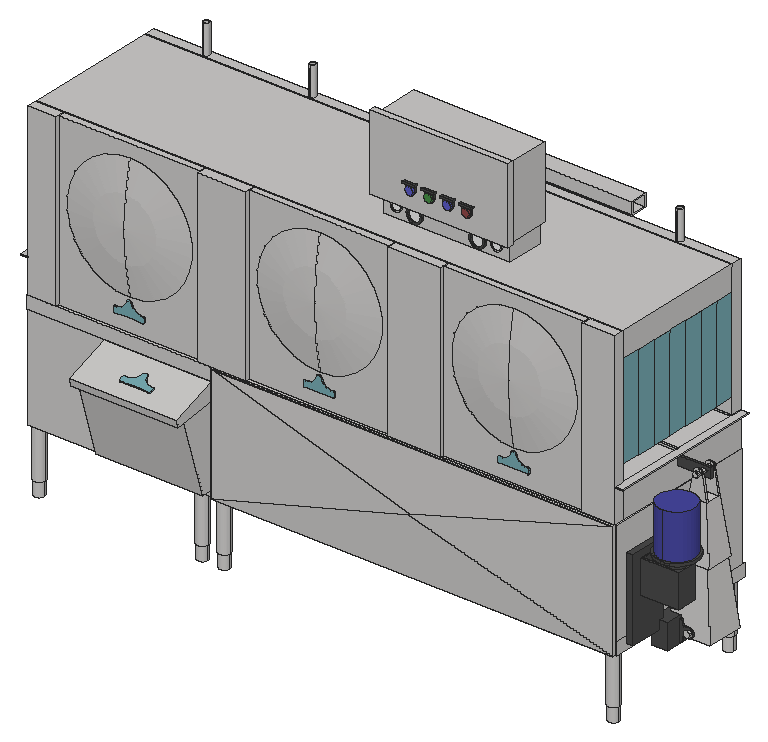
Revit family
Parameters (values of type "208/60/3")
  Width = 7' - 9 1/2"  # constant formula
  Weight in Pounds = 1750
  Watts = 25000 W
  Watermarked By = "http://revitwatermark.com"
  Waste Water Discharge Temperature [instance] = -459.67 °F
  Volts = 208 V
  Ventilation Remarks [instance] = ""
  URL Cutsheet = ""
  URL = "www.stero.com"
  Total Height = 5' - 10 1/2"
  Table Height = 2' - 10"
  Swing Doors [instance] = no
  Status [instance] = ""
  Standard Doors [instance] = not(Swing Doors)  # yes
  Specification by User [instance] = ""
  Specification by Manufacturer = ""
  Single Door Opening [instance] = if(Swing Doors, 2' 0", 1' 10 1/2")  # 1' - 10 1/2"
  Serial Number [instance] = ""
  Seismic Rating [instance] = ""
  SMACNA No [instance] = ""
  Right Ventilation Remarks [instance] = ""
  Right Vent [instance] = no
  Right Exhaust Volume [instance] = if(Right Vent, 400 CFM, 0 CFM)  # 0 CFM
  Right Exhaust Vent Width = 0' - 3 7/8"
  Right Exhaust Vent Text = "Vent, Unload End"
  Right Exhaust Vent Depth = 2' - 0 7/8"
  Right Exhaust Static Press = 0.00 in-wg
  Right Exhaust RI Height [instance] = 0' - 0"
  Right Exhaust Item Number [instance] = "-"
  Right Drain [instance] = no
  Revision Code [instance] = ""
  Plumbing Remarks [instance] = ""
  Plumbing Connection Type [instance] = ""
  Phase = 3
  Number of Poles [instance] = 1
  NAFEM Spec ID Number [instance] = ""
  Model = "ER-94S"
  Masterspec = ""
  Manufacturer = "Stero"
  Machine Height = 4' - 7 1/2"
  Left Vent [instance] = no
  Left Drain [instance] = not(Right Drain)  # yes
  Item Number [instance] = "-"
  Installed By [instance] = ""
  Indirect Waste Size = 2"
  Indirect Waste Flow [instance] = 0.00 GPM
  Indirect Waste Connection Type [instance] = ""
  Indirect Waste Connection Height = 0' - 6"
  Hot Water Usage Rack = "- Gal/Rack"
  Hot Water Usage = "120.6 GPH"
  Hot Water Temperature = 180 °F
  Hot Water Size = 3/4"
  Hot Water RI Height [instance] = 0' - 0"
  Hot Water Minimum Pressure = 20.00 psi
  Hot Water Maximum Pressure = 20.00 psi
  Hot Water Flow = 2.01 GPM
  Hot Water Consumption = 2.01 GPM
  Hot Water Connection Height = 5' - 0"
  HP = "5.25"
  Furnished By [instance] = ""
  Foodservice Equipment Identifier [instance] = yes
  FL Amps = 87.4 A
  Exhaust Volume [instance] = if(Left Vent, 200 CFM, 0 CFM)  # 0 CFM
  Exhaust Vent Width = 0' - 3 7/8"
  Exhaust Vent Text = "Vent, Load End"
  Exhaust Vent Depth = 2' - 0 7/8"
  Exhaust Static Press = 0.00 in-wg
  Exhaust RI Height [instance] = 0' - 0"
  Electrical Remarks [instance] = ""
  Electric Connection Type [instance] = ""
  Elec Conn RI Height [instance] = 0' - 0"
  Elec Conn Connection Height = 5' - 8 1/2"
  Description = "Dishwasher, Conveyor"
  Depth = 2' - 1"
  Cycle = 60 Hz
  Conn Conduit = yes
  Cold Water Temperature Recommended [instance] = -459.67 °F
  Cold Water Size = 3/4"
  Cold Water RI Height [instance] = 0' - 0"
  Cold Water Minimum Pressure [instance] = 0.00 psi
  Cold Water Maximum Pressure [instance] = 0.00 psi
  Cold Water Flow [instance] = 0.00 GPM
  Cold Water Consumption [instance] = ""
  Cold Water Connection Height = 5' - 0"
  CSI MasterFormat = "11 48 13"
  Building Plumbing Remarks [instance] = ""
  Building Hot Water Temperature = 140 °F
  Building Hot Water Size = 3/4"
  Building Hot Water RI Height [instance] = 0' - 0"
  Building Hot Water Minimum Pressure [instance] = 20.00 psi
  Building Hot Water Maximum Pressure [instance] = 20.00 psi
  Building Hot Water Flow [instance] = 0.00 GPM
  Building Hot Water Consumption [instance] = 2.00 GPM
  Building Hot Water Connection Height = 5' - 0"
  Building HW Item Number [instance] = "-"
  Assembly Code = "E1090320"
  Apparent Power = if(Phase = 3, Volts * FL Amps * 1.73, Volts * FL Amps)  # 31450 VA
Reference planes (in)
  plane 1: z = 0
  plane 2 "Left of Main Body": x = 2.32772
  plane 3 "BACK": y = -48
  plane 4 "TOP": z = 70.5
  plane 5 "RIGHT": x = 66.32772
  plane 6 "FRONT": y = -73
  plane 7 "Right of Top": x = 66.07772
  plane 8 "Right of Ledge": x = 67.57772
  plane 9 "Right End Cowl": x = 76.32772
  plane 10: x = 69.39022
  plane 11 "Bottom of Machine": z = 10
  plane 12 "Table Height": z = 34
  plane 13 "Top of Machine": z = 55.5
  plane 14 "Panel Top": z = 28.5
  plane 15: z = 12
  plane 16: y = -73.5
  plane 17: y = -47.5
  plane 18: x = 2.07772
  plane 19: x = 66.57772
  plane 20: y = -49.625
  plane 21: y = -71.375
  plane 22 "Door Center": x = 34.32772
  plane 23: x = 7.57772
  plane 24: x = 30.07772
  plane 25 "Top of Opening": z = 51.5
  plane 26: z = 2.25
  plane 27: x = 24.32772
  plane 28: x = 44.32772
  plane 29: x = 23.32772
  plane 30: x = 45.32772
  plane 31 "Front of Lower Panel": y = -66.5
  plane 32: y = -60.5
  plane 33: y = -67
  plane 34 "Back of Panel": y = -60
  plane 35 "Front of Upper Panel": y = -68
  plane 36: x = 23.82772
  plane 37: x = 44.82772
  plane 38: x = 76.20272
  plane 39: x = 73.26522
  plane 40: y = -48.0625
  plane 41: y = -72.9375
  plane 42 "Top of Vents": z = 59.5
  plane 43: x = 19.82772
  plane 44: x = 48.82772
  plane 45: y = -45
  plane 46: z = 57.5
  plane 47: y = -43
  plane 48: z = 84.5
  plane 49: x = 38.57772
  plane 50: x = 61.07772
  plane 51: x = -37.17228
  plane 52: x = -30.23478
  plane 53: x = -37.04728
  plane 54: x = -34.10978
  plane 55 "LEFT": x = -27.17228
  plane 56: x = -26.92228
  plane 57: x = -28.42228
  plane 58: x = -27.42228
  plane 59: x = -0.20185
  plane 60: x = -22.70185
  plane 61: x = -14.92228
  plane 62: x = 7.82772
  plane 63: x = -22.45185
  plane 64: x = 29.95272
  plane 65: x = -0.32685
  plane 66: x = 28.64022
  plane 67: x = -1.63935
  plane 68: x = 38.70272
  plane 69: x = 40.01522
  plane 70: x = 60.82772
Forms (in)
  Extrusion 1, solid, material "QF_Finishes_Stainless Steel"
    sketch origin (0, 0, 10) x (0, 1, 0) y (-1, 0, 0)
      loop
        line (-47.5, -2.07772) -> (-73, -2.07772) -> (-73, -66.57772) -> (-47.5, -66.57772) -> (-47.5, -2.07772)
    from 0 to 2
  Extrusion 2, solid, material "QF_Finishes_Stainless Steel"
    sketch origin (0, 0, 28.5) x (0, 1, 0) y (-1, 0, 0)
      loop
        line (-48, -2.32772) -> (-73, -2.32772) -> (-73, -66.57772) -> (-48, -66.57772) -> (-48, -2.32772)
    from 0 to -16.5
  Extrusion 3, solid, material "QF_Finishes_Stainless Steel"
    sketch origin (-22, 0, 34) x (0, 1, 0) y (-1, 0, 0)
      loop
        line (-48, 5.17228) -> (-48, 6.42228) -> (-73, 6.42228) -> (-73, 5.17228) -> (-48, 5.17228)
    from 0 to -0.125
  Extrusion 4, solid, material "QF_Finishes_Stainless Steel"
    sketch origin (0, 0, 34) x (0, 1, 0) y (-1, 0, 0)
      loop
        line (-48, -66.32772) -> (-73, -66.32772) -> (-73, -67.57772) -> (-48, -67.57772) -> (-48, -66.32772)
    from 0 to -0.125
  Extrusion 5, solid, material "QF_Finishes_Stainless Steel"
    sketch origin (0, 0, 34) x (0, 1, 0) y (-1, 0, 0)
      loop
        line (-48, 27.17228) -> (-71.375, 27.17228) -> (-71.375, -66.32772) -> (-48, -66.32772) -> (-48, 27.17228)
    from -0.25 to -5.5
  Extrusion 6, solid, material "QF_Finishes_Stainless Steel"
    sketch origin (0, 0, 34) x (0, 1, 0) y (-1, 0, 0)
      loop
        line (-60.25, 27.17228) -> (-60.75, 27.17228) -> (-60.75, -66.32772) -> (-60.25, -66.32772) -> (-60.25, 27.17228)
      loop
        line (-48, 27.17228) -> (-49.625, 27.17228) -> (-49.625, -66.32772) -> (-48, -66.32772) -> (-48, 27.17228)
    from 0 to -0.25
  Extrusion 7, solid, material "QF_Finishes_Stainless Steel"
    sketch origin (0, 0, 55.5) x (0, 1, 0) y (-1, 0, 0)
      loop
        line (-49.625, 27.17228) -> (-71.375, 27.17228) -> (-71.375, -66.32772) -> (-49.625, -66.32772) -> (-49.625, 27.17228)
    from 0 to -4
  Extrusion 8, solid, material "QF_Finishes_Stainless Steel"
    sketch origin (0, 0, 55.5) x (0, 1, 0) y (-1, 0, 0)
      loop
        line (-48, 27.17228) -> (-49.625, 27.17228) -> (-49.625, -66.32772) -> (-48, -66.32772) -> (-48, 27.17228)
    from 0 to -21.5
  Extrusion 9, solid, material "QF_Finishes_Stainless Steel"
    sketch origin (0, -73, 0) x (-1, 0, 0) y (0, 0, 1)
      loop
        line (0.20185, 55.5) -> (-7.57772, 55.5) -> (-7.57772, 28.5) -> (0.20185, 28.5) -> (0.20185, 55.5)
    from 0 to 1.625
  Blend 10, solid, material "QF_Finishes_Stainless Steel"
    base sketch origin (-15.01335, -74, 48) x (-1, 0, 0) y (0, 0, 1)
      loop
        line (-17.34107, -19.5) -> (-81.34107, -19.5) -> (-81.34107, -38) -> (-17.34107, -38) -> (-17.34107, -19.5)
    top sketch origin (-15.01335, -74, 48) x (-1, 0, 0) y (0, 0, 1)
      loop
        line (-49.37232, -28.71875) -> (-49.37232, -28.78125) -> (-49.30982, -28.78125) -> (-49.30982, -28.71875) -> (-49.37232, -28.71875)
    from 0.5 to 0
  Extrusion 11, solid, material "QF_Finishes_Stainless Steel"
    sketch origin (0, 0, 10) x (0, 1, 0) y (-1, 0, 0)
      loop
        line (-73, -2.32772) -> (-73.5, -2.32772) -> (-73.5, -66.32772) -> (-73, -66.32772) -> (-73, -2.32772)
    from 0 to 18.5
  Extrusion 12, solid, material "QF_Finishes_Stainless Steel"
    sketch origin (0, -73, 0) x (-1, 0, 0) y (0, 0, 1)
      loop
        line (-61.07772, 55.5) -> (-66.32772, 55.5) -> (-66.32772, 28.5) -> (-61.07772, 28.5) -> (-61.07772, 55.5)
    from 0 to 1.625
  Extrusion 13, solid, material "QF_Finishes_Stainless Steel", visible <- "Standard Doors"
    sketch origin (-15.5, 0, 55.5) x (0, 1, 0) y (-1, 0, 0)
      loop
        line (-71.375, -23.07772) -> (-72.5, -23.07772) -> (-72.5, -45.57772) -> (-71.375, -45.57772) -> (-71.375, -23.07772)
    from 0 to -27
  Extrusion 14, solid, material "QF_Finishes_Stainless Steel"
    sketch origin (0, 0, 0) x (1, 0, 0) y (0, 1, 0)
      loop
        circle (3.32772, -49) r 0.8125
    from 0 to 2.25
  Extrusion 15, solid, material "QF_Finishes_Stainless Steel"
    sketch origin (0, 0, 0) x (1, 0, 0) y (0, 1, 0)
      loop
        circle (3.32772, -49) r 0.9375
    from 2.25 to 10
  Extrusion 16, solid, material "QF_Finishes_Stainless Steel"
    sketch origin (48.65544, 0, 0) x (-1, 0, 0) y (0, -1, 0)
      loop
        circle (-16.67228, 49) r 0.8125
    from 0 to 2.25
  Extrusion 17, solid, material "QF_Finishes_Stainless Steel"
    sketch origin (48.65544, 0, 0) x (-1, 0, 0) y (0, -1, 0)
      loop
        circle (-16.67228, 49) r 0.9375
    from 2.25 to 10
  Extrusion 18, solid, material "QF_Finishes_Stainless Steel"
    sketch origin (0, -121, 0) x (1, 0, 0) y (0, 1, 0)
      loop
        circle (3.32772, 49) r 0.8125
    from 0 to 2.25
  Extrusion 19, solid, material "QF_Finishes_Stainless Steel"
    sketch origin (0, -121, 0) x (1, 0, 0) y (0, 1, 0)
      loop
        circle (3.32772, 49) r 0.9375
    from 2.25 to 10
  Extrusion 20, solid, material "QF_Finishes_Stainless Steel"
    sketch origin (48.65544, -121, 0) x (-1, 0, 0) y (0, -1, 0)
      loop
        circle (-16.67228, -49) r 0.8125
    from 0 to 2.25
  Extrusion 21, solid, material "QF_Finishes_Stainless Steel"
    sketch origin (48.65544, -121, 0) x (-1, 0, 0) y (0, -1, 0)
      loop
        circle (-16.67228, -49) r 0.9375
    from 2.25 to 10
  Extrusion 22, solid, material "QF_Finishes_Light Blue"
    sketch origin (0, 0, 51.5) x (0, 1, 0) y (-1, 0, 0)
      loop
        line (-49.625, -66.32772) -> (-49.625, -66.20272) -> (-52.625, -66.20272) -> (-52.625, -66.32772) -> (-49.625, -66.32772)
      loop
        line (-52.75, -66.32772) -> (-52.75, -66.20272) -> (-55.75, -66.20272) -> (-55.75, -66.32772) -> (-52.75, -66.32772)
      loop
        line (-55.875, -66.32772) -> (-55.875, -66.20272) -> (-58.875, -66.20272) -> (-58.875, -66.32772) -> (-55.875, -66.32772)
      loop
        line (-59, -66.32772) -> (-59, -66.20272) -> (-62, -66.20272) -> (-62, -66.32772) -> (-59, -66.32772)
      loop
        line (-62.125, -66.32772) -> (-62.125, -66.20272) -> (-65.125, -66.20272) -> (-65.125, -66.32772) -> (-62.125, -66.32772)
      loop
        line (-65.25, -66.32772) -> (-65.25, -66.20272) -> (-68.25, -66.20272) -> (-68.25, -66.32772) -> (-65.25, -66.32772)
      loop
        line (-68.375, -66.32772) -> (-68.375, -66.20272) -> (-71.375, -66.20272) -> (-71.375, -66.32772) -> (-68.375, -66.32772)
    from 0 to -15
  Extrusion 23, solid, material "QF_Finishes_Light Blue"
    sketch origin (26.65544, 0, 51.5) x (0, 1, 0) y (-1, 0, 0)
      loop
        line (-49.625, 53.82772) -> (-52.625, 53.82772) -> (-52.625, 53.70272) -> (-49.625, 53.70272) -> (-49.625, 53.82772)
      loop
        line (-52.75, 53.82772) -> (-55.75, 53.82772) -> (-55.75, 53.70272) -> (-52.75, 53.70272) -> (-52.75, 53.82772)
      loop
        line (-55.875, 53.82772) -> (-58.875, 53.82772) -> (-58.875, 53.70272) -> (-55.875, 53.70272) -> (-55.875, 53.82772)
      loop
        line (-59, 53.82772) -> (-62, 53.82772) -> (-62, 53.70272) -> (-59, 53.70272) -> (-59, 53.82772)
      loop
        line (-62.125, 53.82772) -> (-65.125, 53.82772) -> (-65.125, 53.70272) -> (-62.125, 53.70272) -> (-62.125, 53.82772)
      loop
        line (-65.25, 53.82772) -> (-68.25, 53.82772) -> (-68.25, 53.70272) -> (-65.25, 53.70272) -> (-65.25, 53.82772)
      loop
        line (-68.375, 53.82772) -> (-71.375, 53.82772) -> (-71.375, 53.70272) -> (-68.375, 53.70272) -> (-68.375, 53.82772)
    from 0 to -15
  Extrusion 24, solid, material "QF_Finishes_Stainless Steel"
    sketch origin (0, 0, 55.5) x (0, 1, 0) y (-1, 0, 0)
      loop
        line (-60.5, -24.32772) -> (-66.5, -24.32772) -> (-66.5, -44.32772) -> (-60.5, -44.32772) -> (-60.5, -24.32772)
    from 0 to 3.5
  Extrusion 25, solid, material "QF_Finishes_Stainless Steel"
    sketch origin (0, 0, 55.5) x (0, 1, 0) y (-1, 0, 0)
      loop
        line (-60, -23.82772) -> (-67, -23.82772) -> (-67, -44.82772) -> (-60, -44.82772) -> (-60, -23.82772)
    from 3 to 14.5
  Extrusion 26, solid, material "QF_Finishes_Stainless Steel"
    sketch origin (0, 0, 55.5) x (0, 1, 0) y (-1, 0, 0)
      loop
        line (-67, -23.32772) -> (-68, -23.32772) -> (-68, -45.32772) -> (-67, -45.32772) -> (-67, -23.32772)
    from 3 to 15
  Extrusion 27, solid, material "QF_Finishes_Black"
    sketch origin (0, -66.5, 0) x (-1, 0, 0) y (0, 0, 1)
      loop
        circle (-29.32772, 57) r 1.25
      loop
        circle (-29.32772, 57) r 1
    from 0 to -0.25
  Extrusion 28, solid, material "QF_Finishes_Stainless Steel"
    sketch origin (0, -66.5, 0) x (-1, 0, 0) y (0, 0, 1)
      loop
        circle (-26.32772, 57.25) r 0.75
      loop
        circle (-26.32772, 57.25) r 0.875
    from 0 to -0.125
  Extrusion 29, solid, material "QF_Finishes_White"
    sketch origin (0, -66.5, 0) x (-1, 0, 0) y (0, 0, 1)
      loop
        circle (-26.32772, 57.25) r 0.75
    from 0 to -0.0625
  Extrusion 30, solid, material "QF_Finishes_White"
    sketch origin (0, -66.5, 0) x (-1, 0, 0) y (0, 0, 1)
      loop
        circle (-29.32772, 57) r 1
    from 0 to -0.0625
  Extrusion 31, solid, material "QF_Finishes_Black"
    sketch origin (48.65544, -66.5, 0) x (1, 0, 0) y (0, 0, -1)
      loop
        circle (-9.32772, -57) r 1.25
      loop
        circle (-9.32772, -57) r 1
    from 0 to -0.25
  Extrusion 32, solid, material "QF_Finishes_Stainless Steel"
    sketch origin (48.65544, -66.5, 0) x (1, 0, 0) y (0, 0, -1)
      loop
        circle (-6.32772, -57.25) r 0.75
      loop
        circle (-6.32772, -57.25) r 0.875
    from 0 to -0.125
  Extrusion 33, solid, material "QF_Finishes_White"
    sketch origin (48.65544, -66.5, 0) x (1, 0, 0) y (0, 0, -1)
      loop
        circle (-6.32772, -57.25) r 0.75
    from 0 to -0.0625
  Extrusion 34, solid, material "QF_Finishes_White"
    sketch origin (48.65544, -66.5, 0) x (1, 0, 0) y (0, 0, -1)
      loop
        circle (-9.32772, -57) r 1
    from 0 to -0.0625
  Extrusion 35, solid, material "QF_Finishes_Black"
    sketch origin (0, -68, 0) x (-1, 0, 0) y (0, 0, 1)
      loop
        line (-33.82772, 62.5) -> (-33.82772, 62.25) -> (-31.82772, 62.25) -> (-31.82772, 62.5) -> (-33.82772, 62.5)
      loop
        line (-30.82772, 62.5) -> (-30.82772, 62.25) -> (-28.82772, 62.25) -> (-28.82772, 62.5) -> (-30.82772, 62.5)
      loop
        line (-34.82772, 62.5) -> (-36.82772, 62.5) -> (-36.82772, 62.25) -> (-34.82772, 62.25) -> (-34.82772, 62.5)
      loop
        line (-37.82772, 62.5) -> (-39.82772, 62.5) -> (-39.82772, 62.25) -> (-37.82772, 62.25) -> (-37.82772, 62.5)
    from 0 to -0.5
  Extrusion 36, solid, material "QF_Finishes_Navy Blue"
    sketch origin (0, -68, 0) x (-1, 0, 0) y (0, 0, 1)
      loop
        circle (-29.82772, 61.375) r 0.625
    from -0.125 to -0.375
  Extrusion 37, solid, material "QF_Finishes_LED Green"
    sketch origin (3, -68, 0) x (-1, 0, 0) y (0, 0, 1)
      loop
        circle (-29.82772, 61.375) r 0.625
    from -0.125 to -0.375
  Extrusion 38, solid, material "QF_Finishes_Navy Blue"
    sketch origin (6, -68, 0) x (-1, 0, 0) y (0, 0, 1)
      loop
        circle (-29.82772, 61.375) r 0.625
    from -0.125 to -0.375
  Extrusion 39, solid, material "QF_Finishes_LED Red"
    sketch origin (9, -68, 0) x (-1, 0, 0) y (0, 0, 1)
      loop
        circle (-29.82772, 61.375) r 0.625
    from -0.125 to -0.375
  Extrusion 40, solid, material "QF_Finishes_Black"
    sketch origin (0, -68, 0) x (-1, 0, 0) y (0, 0, 1)
      loop
        arc (-30.57772, 61.375) -> (-29.82772, 60.625) -> (-29.07772, 61.375) r 0.75
        line (-29.07772, 61.375) -> (-29.07772, 62.25) -> (-30.57772, 62.25) -> (-30.57772, 61.375)
      loop
        arc (-33.57772, 61.375) -> (-32.82772, 60.625) -> (-32.07772, 61.375) r 0.75
        line (-32.07772, 61.375) -> (-32.07772, 62.25) -> (-33.57772, 62.25) -> (-33.57772, 61.375)
      loop
        arc (-36.57772, 61.375) -> (-35.82772, 60.625) -> (-35.07772, 61.375) r 0.75
        line (-35.07772, 61.375) -> (-35.07772, 62.25) -> (-36.57772, 62.25) -> (-36.57772, 61.375)
      loop
        arc (-39.57772, 61.375) -> (-38.82772, 60.625) -> (-38.07772, 61.375) r 0.75
        line (-38.07772, 61.375) -> (-38.07772, 62.25) -> (-39.57772, 62.25) -> (-39.57772, 61.375)
    from 0 to -0.125
  Extrusion 41, solid, material "QF_Finishes_Light Blue", visible <- "Standard Doors"
    sketch origin (-15.5, -73, 0) x (-1, 0, 0) y (0, 0, 1)
      loop
        line (-33.71645, 30.65632) -> (-32.08461, 30.57309)
        arc (-32.08461, 30.57309) -> (-31.90443, 30.64773) -> (-31.82979, 30.82792) r 0.25483
        line (-31.82979, 30.82792) -> (-31.82979, 31.31285)
        arc (-31.82979, 31.31285) -> (-31.90343, 31.49062) -> (-32.08121, 31.56426) r 0.25142
        arc (-32.08121, 31.56426) -> (-33.22593, 31.7803) -> (-33.90311, 32.72819) r 1.56264
        arc (-33.90311, 32.72819) -> (-34.31726, 33.06213) -> (-34.74741, 32.74907) r 0.43733
        arc (-34.74741, 32.74907) -> (-35.42049, 31.78611) -> (-36.57423, 31.56426) r 1.56264
        arc (-36.57423, 31.56426) -> (-36.75201, 31.49062) -> (-36.82565, 31.31285) r 0.25142
        line (-36.82565, 31.31285) -> (-36.82565, 30.82792)
        arc (-36.82565, 30.82792) -> (-36.75101, 30.64773) -> (-36.57082, 30.57309) r 0.25483
        line (-36.57082, 30.57309) -> (-34.93898, 30.65632)
        arc (-34.93898, 30.65632) -> (-34.32772, 30.6719) -> (-33.71645, 30.65632) r 12
    from 0.5 to 0.4375
  Extrusion 42, solid, material "QF_Finishes_Stainless Steel", visible <- "Right Vent"
    sketch origin (66.07772, 0, 0) x (0, -1, 0) y (0, 0, 1)
      loop
        line (73, 55.5) -> (48, 55.5) -> (48, 50.5625) -> (49.625, 48.9375) -> (49.625, 49.11428) -> (48.125, 50.61428) -> (48.125, 55.375) -> (72.875, 55.375) -> (72.875, 39.17678) -> (71.375, 37.67678) -> (71.375, 37.5) -> (73, 39.125) -> (73, 55.5)
    from -0.25 to -10.125
  Extrusion 43, solid, material "QF_Finishes_Stainless Steel", visible <- "Right Vent"
    sketch origin (76.32772, 0, 0) x (0, 1, 0) y (0, 0, 1)
      loop
        line (-71.375, 37.5) -> (-71.375, 51.5) -> (-49.625, 51.5) -> (-49.625, 48.9375) -> (-48, 50.5625) -> (-48, 55.5) -> (-73, 55.5) -> (-73, 39.125) -> (-71.375, 37.5)
    from 0 to -0.125
  Extrusion 44, solid, material "QF_Finishes_Stainless Steel", visible <- "Right Vent"
    sketch origin (48.65544, 0, 55.5) x (0, 1, 0) y (-1, 0, 0)
      loop
        line (-48.0625, -24.60978) -> (-48.0625, -20.73478) -> (-72.9375, -20.73478) -> (-72.9375, -24.60978) -> (-48.0625, -24.60978)
      loop
        line (-48.1875, -24.48478) -> (-48.1875, -20.85978) -> (-72.8125, -20.85978) -> (-72.8125, -24.48478) -> (-48.1875, -24.48478)
    from 0 to 4
  Extrusion 45, void
    sketch origin (0, 0, 55.5) x (0, 1, 0) y (-1, 0, 0)
      loop
        line (-48.1875, -69.51522) -> (-72.8125, -69.51522) -> (-72.8125, -73.14022) -> (-48.1875, -73.14022) -> (-48.1875, -69.51522)
    from 0 to -0.125
  Extrusion 46, solid, material "QF_Finishes_Black"
    sketch origin (0, -73, 0) x (-1, 0, 0) y (0, 0, 1)
      loop
        line (-66.57772, 12) -> (-66.32772, 12) -> (-66.32772, 23.9375) -> (-67.70272, 23.9375) -> (-67.70272, 10.9375) -> (-66.57772, 10.9375) -> (-66.57772, 12)
    from 1.8125 to 7.8125
  Extrusion 47, solid, material "QF_Finishes_Black"
    sketch origin (0, 0, 10) x (0, 1, 0) y (-1, 0, 0)
      loop
        circle (-68.1875, -72.32772) r 1.0625
    from 7.1875 to 7.6875
  Extrusion 48, solid, material "QF_Finishes_Black"
    sketch origin (0, 0, 10) x (0, 1, 0) y (-1, 0, 0)
      loop
        circle (-68.1875, -72.32772) r 1.3125
    from 12.9375 to 13.4375
  Blend 49, solid, material "QF_Finishes_Black"
    base sketch origin (0, 0, 10) x (0, 1, 0) y (-1, 0, 0)
      loop
        circle (-68.1875, -72.32772) r 1.3125
    top sketch origin (0, 0, 10) x (0, 1, 0) y (-1, 0, 0)
      loop
        circle (-68.1875, -72.32772) r 2.0625
    from 13.4375 to 14.4375
  Extrusion 50, solid, material "QF_Finishes_Black"
    sketch origin (0, 0, 10) x (0, 1, 0) y (-1, 0, 0)
      loop
        circle (-68.1875, -72.32772) r 3.25
    from 14.4375 to 14.8125
  Extrusion 51, solid, material "QF_Finishes_Blue"
    sketch origin (0, 0, 10) x (0, 1, 0) y (-1, 0, 0)
      loop
        circle (-68.1875, -72.32772) r 2.875
    from 14.8125 to 21.9375
  Extrusion 52, solid, material "QF_Finishes_Black"
    sketch origin (0, -73, 0) x (-1, 0, 0) y (0, 0, 1)
      loop
        line (-66.32772, 33.1875) -> (-71.82772, 33.1875) -> (-71.82772, 31.6875) -> (-66.32772, 31.6875) -> (-66.32772, 33.1875)
      loop
        circle (-70.57772, 32.4375) r 0.375
    from 12.3125 to 12.6875
  Extrusion 53, solid, material "QF_Finishes_Black"
    sketch origin (0, -73, 0) x (-1, 0, 0) y (0, 0, 1)
      loop
        line (-66.32772, 12) -> (-66.32772, 12.4375) -> (-69.07772, 12.4375) -> (-69.07772, 8.4375) -> (-66.57772, 8.4375) -> (-66.57772, 12) -> (-66.32772, 12)
    from 7 to 18
  Extrusion 54, solid, material "QF_Finishes_Black"
    sketch origin (0, -73, 0) x (-1, 0, 0) y (0, 0, 1)
      loop
        line (-69.07772, 12.125) -> (-69.32772, 12.125)
        arc (-69.32772, 12.125) -> (-69.5045, 12.05178) -> (-69.57772, 11.875) r 0.25
        line (-69.57772, 11.875) -> (-69.57772, 11.5625)
        arc (-69.57772, 11.5625) -> (-69.68755, 11.29733) -> (-69.95272, 11.1875) r 0.375
        line (-69.95272, 11.1875) -> (-70.57772, 11.1875)
        arc (-70.57772, 11.1875) -> (-71.32772, 10.4375) -> (-70.57772, 9.6875) r 0.75
        line (-70.57772, 9.6875) -> (-69.95272, 9.6875)
        arc (-69.95272, 9.6875) -> (-69.68755, 9.57767) -> (-69.57772, 9.3125) r 0.375
        line (-69.57772, 9.3125) -> (-69.57772, 9)
        arc (-69.57772, 9) -> (-69.5045, 8.82322) -> (-69.32772, 8.75) r 0.25
        line (-69.32772, 8.75) -> (-69.07772, 8.75) -> (-69.07772, 12.125)
      loop
        circle (-70.57772, 10.4375) r 0.5
    from 9.375 to 9.5
  Extrusion 55, solid, material "QF_Finishes_Black"
    sketch origin (0, -66.875, 0) x (-1, 0, 0) y (0, 0, 1)
      loop
        line (-69.07772, 12.125) -> (-69.32772, 12.125)
        arc (-69.32772, 12.125) -> (-69.5045, 12.05178) -> (-69.57772, 11.875) r 0.25
        line (-69.57772, 11.875) -> (-69.57772, 11.5625)
        arc (-69.57772, 11.5625) -> (-69.68755, 11.29733) -> (-69.95272, 11.1875) r 0.375
        line (-69.95272, 11.1875) -> (-70.57772, 11.1875)
        arc (-70.57772, 11.1875) -> (-71.32772, 10.4375) -> (-70.57772, 9.6875) r 0.75
        line (-70.57772, 9.6875) -> (-69.95272, 9.6875)
        arc (-69.95272, 9.6875) -> (-69.68755, 9.57767) -> (-69.57772, 9.3125) r 0.375
        line (-69.57772, 9.3125) -> (-69.57772, 9)
        arc (-69.57772, 9) -> (-69.5045, 8.82322) -> (-69.32772, 8.75) r 0.25
        line (-69.32772, 8.75) -> (-69.07772, 8.75) -> (-69.07772, 12.125)
      loop
        circle (-70.57772, 10.4375) r 0.5
    from 9.375 to 9.5
  Extrusion 56, solid, material "QF_Finishes_Stainless Steel"
    sketch origin (0, -73, 0) x (-1, 0, 0) y (0, 0, 1)
      loop
        circle (-70.57772, 32.4375) r 0.375
      loop
        line (-71.31584, 32.57045) -> (-72.01522, 28.6875) -> (-69.14022, 28.6875) -> (-69.8396, 32.57045)
        arc (-69.8396, 32.57045) -> (-70.57772, 33.1875) -> (-71.31584, 32.57045) r 0.75
    from 11.25 to 11.375
  Extrusion 57, solid, material "QF_Finishes_Stainless Steel"
    sketch origin (0, -48, 0) x (-1, 0, 0) y (0, 0, -1)
      loop
        circle (-70.57772, -32.4375) r 0.375
      loop
        arc (-71.31584, -32.57045) -> (-70.57772, -33.1875) -> (-69.8396, -32.57045) r 0.75
        line (-69.8396, -32.57045) -> (-69.14022, -28.6875) -> (-72.01522, -28.6875) -> (-71.31584, -32.57045)
    from 11.25 to 11.375
  Extrusion 58, solid, material "QF_Finishes_Stainless Steel"
    sketch origin (0, -73, 0) x (-1, 0, 0) y (0, 0, 1)
      loop
        circle (-70.57772, 32.4375) r 0.375
    from 10.75 to 14.25
  Blend 59, solid, material "QF_Finishes_Stainless Steel"
    base sketch origin (0, 0, 34) x (0, 1, 0) y (-1, 0, 0)
      loop
        line (-58.25, -67.89022) -> (-62.75, -67.89022) -> (-62.75, -73.01522) -> (-58.25, -73.01522) -> (-58.25, -67.89022)
    top sketch origin (0, 0, 34) x (0, 1, 0) y (-1, 0, 0)
      loop
        line (-59.25, -69.14022) -> (-61.75, -69.14022) -> (-61.75, -72.01522) -> (-59.25, -72.01522) -> (-59.25, -69.14022)
    from -14.0625 to -5.3125
  Blend 60, solid, material "QF_Finishes_Stainless Steel"
    base sketch origin (0, 0, 25.25) x (0, 1, 0) y (-1, 0, 0)
      loop
        line (-57.5, -67.14022) -> (-63.5, -67.14022) -> (-63.5, -73.76522) -> (-57.5, -73.76522) -> (-57.5, -67.14022)
    top sketch origin (0, 0, 25.25) x (0, 1, 0) y (-1, 0, 0)
      loop
        line (-58.5, -68.14022) -> (-62.5, -68.14022) -> (-62.5, -72.76522) -> (-58.5, -72.76522) -> (-58.5, -68.14022)
    from -15.5625 to -5.3125
  Extrusion 61, solid, material "QF_Finishes_Stainless Steel"
    sketch origin (0, -73, -22) x (-1, 0, 0) y (0, 0, 1)
      loop
        circle (-70.57772, 32.4375) r 0.5
    from 9 to 16
  Extrusion 62, solid, material "QF_Finishes_Stainless Steel"
    sketch origin (0, 0, 55.5) x (0, 1, 0) y (-1, 0, 0)
      loop
        circle (-48.75, -57.32772) r 0.375
      loop
        circle (-48.75, -57.32772) r 0.5
    from 0 to 4.5
  Extrusion 63, solid, material "QF_Finishes_Stainless Steel"
    sketch origin (2.32772, 0, 0) x (0, 1, 0) y (0, 0, 1)
      loop
        line (-45, 57.5) -> (-47.75, 57.5) -> (-47.75, 55.5) -> (-45, 55.5) -> (-45, 57.5)
      loop
        line (-45.125, 57.375) -> (-47.625, 57.375) -> (-47.625, 55.625) -> (-45.125, 55.625) -> (-45.125, 57.375)
    from 17.5 to 46.5
  Extrusion 64, solid, material "QF_Finishes_Stainless Steel"
    sketch origin (2.32772, 0, 0) x (0, 1, 0) y (0, 0, 1)
      loop
        line (-47.75, 55.5) -> (-47.75, 55.625) -> (-48, 55.625) -> (-48, 55.5) -> (-47.75, 55.5)
    from 17.5 to 46.5
  Extrusion 65, solid, material "QF_Finishes_Stainless Steel"
    sketch origin (0, -60, 0) x (-1, 0, 0) y (0, 0, 1)
      loop
        circle (-44.32772, 68.5) r 0.25
    from 0 to 0.0625
  Extrusion 66, solid, material "QF_Finishes_Stainless Steel"
    sketch origin (0, -1, 10) x (0, 1, 0) y (-1, 0, 0)
      loop
        circle (-50, -61.32772) r 1
      loop
        circle (-50, -61.32772) r 1.125
    from 0 to -4
  Extrusion 67, solid, material "QF_Finishes_Clearance", detail levels coarse
    sketch origin (0, 0, 0) x (1, 0, 0) y (0, 1, 0)
      loop
        line (-28.42228, -47.5) -> (19.82772, -47.5) -> (19.82772, -45) -> (48.82772, -45) -> (48.82772, -47.5) -> (67.57772, -47.5) -> (67.57772, -43) -> (-28.42228, -43) -> (-28.42228, -47.5)
    from 0 to 70.5
  Extrusion 68, solid, material "QF_Finishes_Clearance", visible <- "Standard Doors", detail levels coarse
    sketch origin (-15.5, -73, 0) x (-1, 0, 0) y (0, 0, 1)
      loop
        line (-23.07772, 84.5) -> (-45.57772, 84.5) -> (-45.57772, 55.5) -> (-23.07772, 55.5) -> (-23.07772, 84.5)
    from 0 to 1.625
  Extrusion 69, solid, material "QF_Finishes_Clearance", visible <- "Right Vent", detail levels coarse
    sketch origin (0, 0, 0) x (1, 0, 0) y (0, 1, 0)
      loop
        line (67.57772, -43) -> (67.57772, -47.5) -> (76.32772, -47.5) -> (76.32772, -43) -> (67.57772, -43)
    from 0 to 70.5
  Revolve 70, solid, material "QF_Finishes_Stainless Steel", visible <- "Standard Doors"
    sketch origin (18.82772, 0, 0) x (0, 1, 0) y (0, 0, 1)
      loop
        line (-72.5, 43.5) -> (-72.5, 53.5)
        arc (-72.5, 53.5) -> (-73.26244, 48.52624) -> (-73.5, 43.5) r 48
        line (-73.5, 43.5) -> (-72.5, 43.5)
      axis (-72.5, 43.5) -> (-73.5, 43.5)
    angle from 0 to 360
  Extrusion 71, solid, material "QF_Finishes_Stainless Steel", visible <- "Standard Doors"
    sketch origin (14.5, 0, 55.5) x (0, 1, 0) y (-1, 0, 0)
      loop
        line (-71.375, -24.07772) -> (-72.5, -24.07772) -> (-72.5, -46.57772) -> (-71.375, -46.57772) -> (-71.375, -24.07772)
    from 0 to -27
  Extrusion 72, solid, material "QF_Finishes_Clearance", visible <- "Standard Doors", detail levels coarse
    sketch origin (14.5, -73, 0) x (-1, 0, 0) y (0, 0, 1)
      loop
        line (-24.07772, 84.5) -> (-46.57772, 84.5) -> (-46.57772, 55.5) -> (-24.07772, 55.5) -> (-24.07772, 84.5)
    from 0 to 1.625
  Revolve 73, solid, material "QF_Finishes_Stainless Steel", visible <- "Standard Doors"
    sketch origin (49.82772, 0, 0) x (0, 1, 0) y (0, 0, 1)
      loop
        line (-72.5, 43.5) -> (-72.5, 53.5)
        arc (-72.5, 53.5) -> (-73.26244, 48.52624) -> (-73.5, 43.5) r 48
        line (-73.5, 43.5) -> (-72.5, 43.5)
      axis (-72.5, 43.5) -> (-73.5, 43.5)
    angle from 0 to 360
  Extrusion 74, solid, material "QF_Finishes_Stainless Steel"
    sketch origin (-29, -73, 0) x (-1, 0, 0) y (0, 0, 1)
      loop
        line (-59.07772, 55.5) -> (-67.57772, 55.5) -> (-67.57772, 28.5) -> (-59.07772, 28.5) -> (-59.07772, 55.5)
    from 0 to 1.625
  Extrusion 75, solid, material "QF_Finishes_Stainless Steel"
    sketch origin (-44, 0, 55.5) x (0, 1, 0) y (-1, 0, 0)
      loop
        circle (-48.75, -42.82772) r 0.375
      loop
        circle (-48.75, -42.82772) r 0.5
    from 0 to 4.5
  Extrusion 76, solid, material "QF_Finishes_Stainless Steel", visible <- "Right Drain"
    sketch origin (0, -1, 0) x (1, 0, 0) y (0, 1, 0)
      loop
        circle (61.32772, -50) r 1
    from 6 to 6.25
  Extrusion 77, solid, material "QF_Finishes_Stainless Steel", visible <- "Left Vent"
    sketch origin (-27.17228, 0, 0) x (0, 1, 0) y (0, 0, 1)
      loop
        line (-73, 55.5) -> (-73, 39.125) -> (-71.375, 37.5) -> (-71.375, 37.67678) -> (-72.875, 39.17678) -> (-72.875, 55.375) -> (-48.125, 55.375) -> (-48.125, 50.61428) -> (-49.625, 49.11428) -> (-49.625, 48.9375) -> (-48, 50.5625) -> (-48, 55.5) -> (-73, 55.5)
    from 0 to -9.875
  Extrusion 78, solid, material "QF_Finishes_Stainless Steel", visible <- "Left Vent"
    sketch origin (-37.17228, 0, 0) x (0, 1, 0) y (0, 0, 1)
      loop
        line (-71.375, 37.5) -> (-71.375, 51.5) -> (-49.625, 51.5) -> (-49.625, 48.9375) -> (-48, 50.5625) -> (-48, 55.5) -> (-73, 55.5) -> (-73, 39.125) -> (-71.375, 37.5)
    from 0 to 0.125
  Extrusion 79, solid, material "QF_Finishes_Stainless Steel", visible <- "Left Vent"
    sketch origin (-29.75, 0, 55.5) x (0, 1, 0) y (-1, 0, 0)
      loop
        line (-48.0625, 4.35978) -> (-72.9375, 4.35978) -> (-72.9375, 0.48478) -> (-48.0625, 0.48478) -> (-48.0625, 4.35978)
      loop
        line (-48.1875, 4.23478) -> (-72.8125, 4.23478) -> (-72.8125, 0.60978) -> (-48.1875, 0.60978) -> (-48.1875, 4.23478)
    from 0 to 4
  Extrusion 80, solid, material "QF_Finishes_Clearance", visible <- "Left Vent", detail levels coarse
    sketch origin (-29.75, 0, 0) x (1, 0, 0) y (0, 1, 0)
      loop
        line (-7.42228, -43) -> (-7.42228, -47.5) -> (1.32772, -47.5) -> (1.32772, -43) -> (-7.42228, -43)
    from 0 to 70.5
  Extrusion 81, solid, material "QF_Finishes_Stainless Steel", visible <- "Standard Doors"
    sketch origin (-32.65457, 0, 55.5) x (0, 1, 0) y (-1, 0, 0)
      loop
        line (-71.375, -9.95272) -> (-72.5, -9.95272) -> (-72.5, -32.45272) -> (-71.375, -32.45272) -> (-71.375, -9.95272)
    from 0 to -27
  Extrusion 82, solid, material "QF_Finishes_Light Blue", visible <- "Standard Doors"
    sketch origin (-35.76911, -73, 0) x (-1, 0, 0) y (0, 0, 1)
      loop
        line (-23.71645, 30.65632) -> (-22.08461, 30.57309)
        arc (-22.08461, 30.57309) -> (-21.90443, 30.64773) -> (-21.82979, 30.82792) r 0.25483
        line (-21.82979, 30.82792) -> (-21.82979, 31.31285)
        arc (-21.82979, 31.31285) -> (-21.90343, 31.49062) -> (-22.08121, 31.56426) r 0.25142
        arc (-22.08121, 31.56426) -> (-23.22593, 31.7803) -> (-23.90311, 32.72819) r 1.56264
        arc (-23.90311, 32.72819) -> (-24.31726, 33.06213) -> (-24.74741, 32.74907) r 0.43733
        arc (-24.74741, 32.74907) -> (-25.42049, 31.78611) -> (-26.57423, 31.56426) r 1.56264
        arc (-26.57423, 31.56426) -> (-26.75201, 31.49062) -> (-26.82565, 31.31285) r 0.25142
        line (-26.82565, 31.31285) -> (-26.82565, 30.82792)
        arc (-26.82565, 30.82792) -> (-26.75101, 30.64773) -> (-26.57082, 30.57309) r 0.25483
        line (-26.57082, 30.57309) -> (-24.93898, 30.65632)
        arc (-24.93898, 30.65632) -> (-24.32772, 30.6719) -> (-23.71645, 30.65632) r 12
    from 0.5 to 0.4375
  Extrusion 83, solid, material "QF_Finishes_Clearance", visible <- "Standard Doors", detail levels coarse
    sketch origin (-32.65457, -73, 0) x (-1, 0, 0) y (0, 0, 1)
      loop
        line (-9.95272, 84.5) -> (-32.45272, 84.5) -> (-32.45272, 55.5) -> (-9.95272, 55.5) -> (-9.95272, 84.5)
    from 0.5 to 1.625
  Extrusion 84, solid, material "QF_Finishes_Stainless Steel"
    sketch origin (-0.5, -73, 0) x (-1, 0, 0) y (0, 0, 1)
      loop
        line (26.67228, 26.5) -> (-2.57772, 26.5) -> (-2.57772, 10) -> (26.67228, 10) -> (26.67228, 26.5)
    from 0 to 25
  Extrusion 85, solid, material "QF_Finishes_Stainless Steel"
    sketch origin (-11.10978, 0, 0) x (0, 1, 0) y (0, 0, 1)
      loop
        line (-73, 10.9375) -> (-73, 23.75) -> (-78.50369, 23.01085) -> (-74.8125, 10.9375) -> (-73, 10.9375)
    from -3.8125 to 13.1875
  Extrusion 86, solid, material "QF_Finishes_Stainless Steel"
    sketch origin (-11.10978, 0, 0) x (0, 1, 0) y (0, 0, 1)
      loop
        line (-73, 23.75) -> (-73, 26.4375) -> (-80, 23.88971) -> (-79.75188, 22.84321) -> (-73, 23.75)
    from -3.8125 to 13.1875
  Extrusion 87, solid, material "QF_Finishes_Light Blue"
    sketch origin (-29.09375, -106.64897, 14.72237) x (-1, 0, 0) y (0, 0.939693, 0.34202)
      loop
        line (-22.05985, 30.65632) -> (-20.42801, 30.57309)
        arc (-20.42801, 30.57309) -> (-20.24783, 30.64773) -> (-20.17319, 30.82792) r 0.25483
        line (-20.17319, 30.82792) -> (-20.17319, 31.31285)
        arc (-20.17319, 31.31285) -> (-20.24683, 31.49062) -> (-20.4246, 31.56426) r 0.25142
        arc (-20.4246, 31.56426) -> (-21.56933, 31.7803) -> (-22.24651, 32.72819) r 1.56264
        arc (-22.24651, 32.72819) -> (-22.66066, 33.06213) -> (-23.09081, 32.74907) r 0.43733
        arc (-23.09081, 32.74907) -> (-23.76389, 31.78611) -> (-24.91763, 31.56426) r 1.56264
        arc (-24.91763, 31.56426) -> (-25.09541, 31.49062) -> (-25.16905, 31.31285) r 0.25142
        line (-25.16905, 31.31285) -> (-25.16905, 30.82792)
        arc (-25.16905, 30.82792) -> (-25.09441, 30.64773) -> (-24.91422, 30.57309) r 0.25483
        line (-24.91422, 30.57309) -> (-23.28238, 30.65632)
        arc (-23.28238, 30.65632) -> (-22.67112, 30.6719) -> (-22.05985, 30.65632) r 12
    from 0.5 to 0.4375
  Sweep 88, solid, material "QF_Finishes_Stainless Steel"
    path origin (0.03293, -51, 0) x (-1, 0, 0) y (0, 0, 1)
      loop
        line (-61.14022, 8.5) -> (10.85978, 8.5)
        arc (10.85978, 8.5) -> (12.274, 9.08579) -> (12.85978, 10.5) r 2
    profile origin (25.17315, -51, 8.5) x (0, 0, 1) y (0, 1, 0)
      loop
        circle (0, 0) r 1
      loop
        circle (0, 0) r 1.125
  Extrusion 89, solid, material "QF_Finishes_Stainless Steel"
    sketch origin (-20.27957, -1, 10) x (0, 1, 0) y (-1, 0, 0)
      loop
        circle (-50, -14.10729) r 1
      loop
        circle (-50, -14.10729) r 1.125
    from 0 to -4
  Extrusion 90, solid, material "QF_Finishes_Stainless Steel", visible <- "Right Drain"
    sketch origin (0.03293, -1, 0) x (1, 0, 0) y (0, 1, 0)
      loop
        circle (-6.20521, -50) r 1
    from 6 to 6.25
  Extrusion 91, solid, material "QF_Finishes_Stainless Steel"
    sketch origin (-24.02957, -73, 0) x (-1, 0, 0) y (0, 0, 1)
      loop
        line (3.14271, 55.5) -> (-1.32772, 55.5) -> (-1.32772, 28.5) -> (3.14271, 28.5) -> (3.14271, 55.5)
    from 0 to 1.625
  Extrusion 92, solid, material "QF_Finishes_Stainless Steel"
    sketch origin (-22.25, 0, 28.5) x (0, 1, 0) y (-1, 0, 0)
      loop
        line (-48, 5.17228) -> (-73, 5.17228) -> (-73, -24.57772) -> (-48, -24.57772) -> (-48, 5.17228)
    from 0 to -2
  Extrusion 93, void
    sketch origin (-7.5, 0, 55.5) x (0, 1, 0) y (-1, 0, 0)
      loop
        line (-48.1875, 26.48478) -> (-72.8125, 26.48478) -> (-72.8125, 22.85978) -> (-48.1875, 22.85978) -> (-48.1875, 26.48478)
    from 0 to -0.125
  Extrusion 94, solid, material "QF_Finishes_Stainless Steel"
    sketch origin (-69.75, 0, 55.5) x (0, 1, 0) y (-1, 0, 0)
      loop
        circle (-48.75, -51.57772) r 0.375
      loop
        circle (-48.75, -51.57772) r 0.5
    from 0 to 4.5
  Revolve 95, solid, material "QF_Finishes_Stainless Steel", visible <- "Standard Doors"
    sketch origin (-11.45185, 0, 0) x (0, 1, 0) y (0, 0, 1)
      loop
        line (-72.5, 43.5) -> (-72.5, 53.5)
        arc (-72.5, 53.5) -> (-73.26244, 48.52624) -> (-73.5, 43.5) r 48
        line (-73.5, 43.5) -> (-72.5, 43.5)
      axis (-72.5, 43.5) -> (-73.5, 43.5)
    angle from 0 to 360
  Extrusion 96, solid, material "QF_Finishes_Stainless Steel"
    sketch origin (-2, 0, 0) x (1, 0, 0) y (0, 1, 0)
      loop
        circle (1.82772, -49) r 0.8125
    from 0 to 2.25
  Extrusion 97, solid, material "QF_Finishes_Stainless Steel"
    sketch origin (-2, 0, 0) x (1, 0, 0) y (0, 1, 0)
      loop
        circle (1.82772, -49) r 0.9375
    from 2.25 to 10
  Extrusion 98, solid, material "QF_Finishes_Stainless Steel"
    sketch origin (-2, -121, 0) x (1, 0, 0) y (0, 1, 0)
      loop
        circle (1.82772, 49) r 0.8125
    from 0 to 2.25
  Extrusion 99, solid, material "QF_Finishes_Stainless Steel"
    sketch origin (-2, -121, 0) x (1, 0, 0) y (0, 1, 0)
      loop
        circle (1.82772, 49) r 0.9375
    from 2.25 to 10
  Extrusion 100, solid, material "QF_Finishes_Stainless Steel"
    sketch origin (-30, 0, 0) x (1, 0, 0) y (0, 1, 0)
      loop
        circle (3.82772, -49) r 0.8125
    from 0 to 2.25
  Extrusion 101, solid, material "QF_Finishes_Stainless Steel"
    sketch origin (-30, 0, 0) x (1, 0, 0) y (0, 1, 0)
      loop
        circle (3.82772, -49) r 0.9375
    from 2.25 to 10
  Extrusion 102, solid, material "QF_Finishes_Stainless Steel"
    sketch origin (-30, -121, 0) x (1, 0, 0) y (0, 1, 0)
      loop
        circle (3.82772, 49) r 0.8125
    from 0 to 2.25
  Extrusion 103, solid, material "QF_Finishes_Stainless Steel"
    sketch origin (-30, -121, 0) x (1, 0, 0) y (0, 1, 0)
      loop
        circle (3.82772, 49) r 0.9375
    from 2.25 to 10
  Extrusion 104, solid, material "QF_Finishes_Black"
    sketch origin (-0.25, 0, 10) x (0, 1, 0) y (-1, 0, 0)
      loop
        line (-66.875, -72.57772) -> (-66.875, -68.20272) -> (-69.5, -68.20272) -> (-69.5, -72.57772)
        arc (-69.5, -72.57772) -> (-68.1875, -71.26522) -> (-66.875, -72.57772) r 1.3125
      loop
        line (-69.75, -74.20272) -> (-66.625, -74.20272) -> (-66.625, -67.95272) -> (-69.75, -67.95272) -> (-69.75, -74.20272)
    from 7.6875 to 12.9375
  Extrusion 105, solid, material "QF_Finishes_Black", not visible
    sketch origin (0, -68, 0) x (-1, 0, 0) y (0, 0, 1)
      loop
        line (-33.82772, 62.5) -> (-33.82772, 62.25) -> (-31.82772, 62.25) -> (-31.82772, 62.5) -> (-33.82772, 62.5)
      loop
        line (-30.82772, 62.5) -> (-30.82772, 62.25) -> (-28.82772, 62.25) -> (-28.82772, 62.5) -> (-30.82772, 62.5)
      loop
        line (-34.82772, 62.5) -> (-36.82772, 62.5) -> (-36.82772, 62.25) -> (-34.82772, 62.25) -> (-34.82772, 62.5)
      loop
        line (-37.82772, 62.5) -> (-39.82772, 62.5) -> (-39.82772, 62.25) -> (-37.82772, 62.25) -> (-37.82772, 62.5)
    from 0 to -0.5
  Extrusion 106, solid, material "QF_Finishes_Navy Blue", not visible
    sketch origin (0, -68, 0) x (-1, 0, 0) y (0, 0, 1)
      loop
        circle (-29.82772, 61.375) r 0.625
    from -0.125 to -0.375
  Extrusion 107, solid, material "QF_Finishes_LED Green", not visible
    sketch origin (3, -68, 0) x (-1, 0, 0) y (0, 0, 1)
      loop
        circle (-29.82772, 61.375) r 0.625
    from -0.125 to -0.375
  Extrusion 108, solid, material "QF_Finishes_Navy Blue", not visible
    sketch origin (6, -68, 0) x (-1, 0, 0) y (0, 0, 1)
      loop
        circle (-29.82772, 61.375) r 0.625
    from -0.125 to -0.375
  Extrusion 109, solid, material "QF_Finishes_LED Red", not visible
    sketch origin (9, -68, 0) x (-1, 0, 0) y (0, 0, 1)
      loop
        circle (-29.82772, 61.375) r 0.625
    from -0.125 to -0.375
  Extrusion 110, solid, material "QF_Finishes_Black", not visible
    sketch origin (0, -68, 0) x (-1, 0, 0) y (0, 0, 1)
      loop
        arc (-30.57772, 61.375) -> (-29.82772, 60.625) -> (-29.07772, 61.375) r 0.75
        line (-29.07772, 61.375) -> (-29.07772, 62.25) -> (-30.57772, 62.25) -> (-30.57772, 61.375)
      loop
        arc (-33.57772, 61.375) -> (-32.82772, 60.625) -> (-32.07772, 61.375) r 0.75
        line (-32.07772, 61.375) -> (-32.07772, 62.25) -> (-33.57772, 62.25) -> (-33.57772, 61.375)
      loop
        arc (-36.57772, 61.375) -> (-35.82772, 60.625) -> (-35.07772, 61.375) r 0.75
        line (-35.07772, 61.375) -> (-35.07772, 62.25) -> (-36.57772, 62.25) -> (-36.57772, 61.375)
      loop
        arc (-39.57772, 61.375) -> (-38.82772, 60.625) -> (-38.07772, 61.375) r 0.75
        line (-38.07772, 61.375) -> (-38.07772, 62.25) -> (-39.57772, 62.25) -> (-39.57772, 61.375)
    from 0 to -0.125
  Extrusion 111, solid, material "QF_Finishes_Stainless Steel", not visible
    sketch origin (-11.10978, 0, 0) x (0, 1, 0) y (0, 0, 1)
      loop
        line (-73, 10.9375) -> (-73, 23.75) -> (-78.50369, 23.01085) -> (-74.8125, 10.9375) -> (-73, 10.9375)
    from -3.8125 to 13.1875
  Extrusion 112, solid, material "QF_Finishes_Stainless Steel", not visible
    sketch origin (-11.10978, 0, 0) x (0, 1, 0) y (0, 0, 1)
      loop
        line (-73, 23.75) -> (-73, 26.4375) -> (-80, 23.88971) -> (-79.75188, 22.84321) -> (-73, 23.75)
    from -3.8125 to 13.1875
  Extrusion 113, solid, material "QF_Finishes_Light Blue", not visible
    sketch origin (-29.09375, -106.64897, 14.72237) x (-1, 0, 0) y (0, 0.939693, 0.34202)
      loop
        line (-22.05985, 30.65632) -> (-20.42801, 30.57309)
        arc (-20.42801, 30.57309) -> (-20.24783, 30.64773) -> (-20.17319, 30.82792) r 0.25483
        line (-20.17319, 30.82792) -> (-20.17319, 31.31285)
        arc (-20.17319, 31.31285) -> (-20.24683, 31.49062) -> (-20.4246, 31.56426) r 0.25142
        arc (-20.4246, 31.56426) -> (-21.56933, 31.7803) -> (-22.24651, 32.72819) r 1.56264
        arc (-22.24651, 32.72819) -> (-22.66066, 33.06213) -> (-23.09081, 32.74907) r 0.43733
        arc (-23.09081, 32.74907) -> (-23.76389, 31.78611) -> (-24.91763, 31.56426) r 1.56264
        arc (-24.91763, 31.56426) -> (-25.09541, 31.49062) -> (-25.16905, 31.31285) r 0.25142
        line (-25.16905, 31.31285) -> (-25.16905, 30.82792)
        arc (-25.16905, 30.82792) -> (-25.09441, 30.64773) -> (-24.91422, 30.57309) r 0.25483
        line (-24.91422, 30.57309) -> (-23.28238, 30.65632)
        arc (-23.28238, 30.65632) -> (-22.67112, 30.6719) -> (-22.05985, 30.65632) r 12
    from 0.5 to 0.4375
  Extrusion 114, solid, material "QF_Finishes_Light Blue", visible <- "Standard Doors"
    sketch origin (15.5, -73, 0) x (-1, 0, 0) y (0, 0, 1)
      loop
        line (-33.71645, 30.65632) -> (-32.08461, 30.57309)
        arc (-32.08461, 30.57309) -> (-31.90443, 30.64773) -> (-31.82979, 30.82792) r 0.25483
        line (-31.82979, 30.82792) -> (-31.82979, 31.31285)
        arc (-31.82979, 31.31285) -> (-31.90343, 31.49062) -> (-32.08121, 31.56426) r 0.25142
        arc (-32.08121, 31.56426) -> (-33.22593, 31.7803) -> (-33.90311, 32.72819) r 1.56264
        arc (-33.90311, 32.72819) -> (-34.31726, 33.06213) -> (-34.74741, 32.74907) r 0.43733
        arc (-34.74741, 32.74907) -> (-35.42049, 31.78611) -> (-36.57423, 31.56426) r 1.56264
        arc (-36.57423, 31.56426) -> (-36.75201, 31.49062) -> (-36.82565, 31.31285) r 0.25142
        line (-36.82565, 31.31285) -> (-36.82565, 30.82792)
        arc (-36.82565, 30.82792) -> (-36.75101, 30.64773) -> (-36.57082, 30.57309) r 0.25483
        line (-36.57082, 30.57309) -> (-34.93898, 30.65632)
        arc (-34.93898, 30.65632) -> (-34.32772, 30.6719) -> (-33.71645, 30.65632) r 12
    from 0.5 to 0.4375
  Extrusion 115, solid, material "QF_Finishes_Stainless Steel", visible <- "Swing Doors"
    sketch origin (0, 0, 55.5) x (0, 1, 0) y (-1, 0, 0)
      loop
        line (-71.375, 22.45185) -> (-73, 22.45185) -> (-73, 0.32685) -> (-71.375, 0.32685) -> (-71.375, 22.45185)
    from 0 to -27
  Extrusion 116, solid, material "QF_Finishes_Stainless Steel", visible <- "Swing Doors"
    sketch origin (0, 0, 55.5) x (0, 1, 0) y (-1, 0, 0)
      loop
        line (-71.375, -7.82772) -> (-73, -7.82772) -> (-73, -29.95272) -> (-71.375, -29.95272) -> (-71.375, -7.82772)
    from 0 to -27
  Extrusion 117, solid, material "QF_Finishes_Stainless Steel", visible <- "Swing Doors"
    sketch origin (0, 0, 55.5) x (0, 1, 0) y (-1, 0, 0)
      loop
        line (-71.375, -38.70272) -> (-73, -38.70272) -> (-73, -60.82772) -> (-71.375, -60.82772) -> (-71.375, -38.70272)
    from 0 to -27
  Extrusion 118, solid, material "QF_Finishes_Stainless Steel", visible <- "Swing Doors"
    sketch origin (-5.50037, 0.00727, 52.4375) x (0, 1, 0) y (-1, 0, 0)
      loop
        circle (-73.25, -13.07772) r 0.25
    from 0 to -3
  Extrusion 119, solid, material "QF_Finishes_Stainless Steel", visible <- "Swing Doors"
    sketch origin (-5.50037, 0.00727, 35.8125) x (0, 1, 0) y (-1, 0, 0)
      loop
        circle (-73.25, -13.07772) r 0.25
    from 0 to -3
  Sweep 120, solid, material "QF_Finishes_Stainless Steel", visible <- "Swing Doors"
    path origin (28.64022, -19.02724, 48) x (0, 1, 0) y (0, 0, 1)
      loop
        line (-53.96549, -0.9375) -> (-54.59049, -0.9375)
        arc (-54.59049, -0.9375) -> (-54.94404, -1.08395) -> (-55.09049, -1.4375) r 0.5
        line (-55.09049, -1.4375) -> (-55.09049, -9.6875)
        arc (-55.09049, -9.6875) -> (-54.94404, -10.04105) -> (-54.59049, -10.1875) r 0.5
        line (-54.59049, -10.1875) -> (-53.96549, -10.1875)
    profile origin (28.64022, -73.30523, 47.0625) x (0, 0, -1) y (1, 0, 0)
      loop
        circle (0, 0) r 0.375
  Sweep 121, solid, material "QF_Finishes_Stainless Steel", visible <- "Swing Doors"
    path origin (40.01522, -19.02724, 48) x (0, 1, 0) y (0, 0, 1)
      loop
        line (-53.96549, -0.9375) -> (-54.59049, -0.9375)
        arc (-54.59049, -0.9375) -> (-54.94404, -1.08395) -> (-55.09049, -1.4375) r 0.5
        line (-55.09049, -1.4375) -> (-55.09049, -9.6875)
        arc (-55.09049, -9.6875) -> (-54.94404, -10.04105) -> (-54.59049, -10.1875) r 0.5
        line (-54.59049, -10.1875) -> (-53.96549, -10.1875)
    profile origin (40.01522, -73.30523, 47.0625) x (0, 0, -1) y (1, 0, 0)
      loop
        circle (0, 0) r 0.375
  Sweep 122, solid, material "QF_Finishes_Stainless Steel", visible <- "Swing Doors"
    path origin (-1.63935, -19.02724, 48) x (0, 1, 0) y (0, 0, 1)
      loop
        line (-53.96549, -0.9375) -> (-54.59049, -0.9375)
        arc (-54.59049, -0.9375) -> (-54.94404, -1.08395) -> (-55.09049, -1.4375) r 0.5
        line (-55.09049, -1.4375) -> (-55.09049, -9.6875)
        arc (-55.09049, -9.6875) -> (-54.94404, -10.04105) -> (-54.59049, -10.1875) r 0.5
        line (-54.59049, -10.1875) -> (-53.96549, -10.1875)
    profile origin (-1.63935, -73.30523, 47.0625) x (0, 0, -1) y (1, 0, 0)
      loop
        circle (0, 0) r 0.375
  Extrusion 123, solid, material "QF_Finishes_Stainless Steel", visible <- "Swing Doors"
    sketch origin (47.99963, 0.00727, 52.4375) x (0, 1, 0) y (-1, 0, 0)
      loop
        circle (-73.25, -13.07772) r 0.25
    from 0 to -3
  Extrusion 124, solid, material "QF_Finishes_Stainless Steel", visible <- "Swing Doors"
    sketch origin (47.99963, 0.00727, 35.8125) x (0, 1, 0) y (-1, 0, 0)
      loop
        circle (-73.25, -13.07772) r 0.25
    from 0 to -3
  Extrusion 125, solid, material "QF_Finishes_Stainless Steel", visible <- "Swing Doors"
    sketch origin (-35.77994, 0.00727, 52.4375) x (0, 1, 0) y (-1, 0, 0)
      loop
        circle (-73.25, -13.07772) r 0.25
    from 0 to -3
  Extrusion 126, solid, material "QF_Finishes_Stainless Steel", visible <- "Swing Doors"
    sketch origin (-35.77994, 0.00727, 35.8125) x (0, 1, 0) y (-1, 0, 0)
      loop
        circle (-73.25, -13.07772) r 0.25
    from 0 to -3
Cuts and joins
  Extrusion 45 cuts Extrusion 42
  Extrusion 45 cuts Extrusion 44
  Extrusion 93 cuts Extrusion 77
  Extrusion 93 cuts Extrusion 79
Lines and regions (in)
  symbolic lines
    curve 1: line (-28.42228, -48, 10) -> (67.57772, -48, 10)
    curve 2: line (-27.17228, -73, 10) -> (-27.17228, -48, 10)
    curve 3: line (67.57772, -73, 10) -> (-28.42228, -73, 10)
    curve 4: line (66.32772, -48, 10) -> (66.32772, -73, 10)
    curve 8: line (19.82772, -48, 10) -> (19.82772, -45, 10)
    curve 9: line (19.82772, -45, 10) -> (48.82772, -45, 10)
    curve 10: line (48.82772, -45, 10) -> (48.82772, -48, 10)
    curve 11: line (-28.42228, -48, 10) -> (-28.42228, -73, 10)
    curve 12: line (67.57772, -48, 10) -> (67.57772, -73, 10)
    curve 13: line (23.82772, -60, 10) -> (44.82772, -60, 10)
    curve 14: line (23.82772, -67, 10) -> (23.82772, -60, 10)
    curve 15: line (44.82772, -67, 10) -> (23.82772, -67, 10)
    curve 16: line (44.82772, -60, 10) -> (44.82772, -67, 10)
    curve 17: line (44.82772, -67, 10) -> (45.32772, -67, 10)
    curve 18: line (45.32772, -67, 10) -> (45.32772, -68, 10)
    curve 19: line (45.32772, -68, 10) -> (23.32772, -68, 10)
    curve 20: line (23.32772, -68, 10) -> (23.32772, -67, 10)
    curve 21: line (23.32772, -67, 10) -> (23.82772, -67, 10)
    curve 38: line (-22.70185, -73, 0) -> (-22.70185, -71.375, 0)
    curve 39: line (-22.70185, -71.375, 0) -> (-0.20185, -71.375, 0)
    curve 40: line (-0.20185, -71.375, 0) -> (-0.20185, -73, 0)
    curve 42: line (-14.92228, -73, 0) -> (-14.92228, -80, 0)
    curve 43: line (-14.92228, -80, 0) -> (2.07772, -80, 0)
    curve 44: line (2.07772, -80, 0) -> (2.07772, -73, 0)
    curve 46: line (7.57772, -73, 0) -> (7.57772, -71.375, 0)
    curve 47: line (7.57772, -71.375, 0) -> (30.07772, -71.375, 0)
    curve 48: line (30.07772, -71.375, 0) -> (30.07772, -73, 0)
    curve 49: line (38.57772, -73, 0) -> (38.57772, -71.375, 0)
    curve 50: line (38.57772, -71.375, 0) -> (61.07772, -71.375, 0)
    curve 51: line (61.07772, -71.375, 0) -> (61.07772, -73, 0)
  symbolic lines, visible <- "Right Vent"
    curve 5: line (66.32772, -48, 10) -> (76.32772, -48, 10)
    curve 6: line (76.32772, -48, 10) -> (76.32772, -73, 10)
    curve 7: line (76.32772, -73, 10) -> (66.32772, -73, 10)
    curve 22: line (69.39022, -48.0625, 10) -> (73.26522, -48.0625, 10)
    curve 23: line (69.39022, -72.9375, 10) -> (69.39022, -48.0625, 10)
    curve 24: line (73.26522, -72.9375, 10) -> (69.39022, -72.9375, 10)
    curve 25: line (73.26522, -48.0625, 10) -> (73.26522, -72.9375, 10)
  symbolic lines, style "QF_Clearances", detail levels coarse
    curve 26: line (-28.42228, -43, 0) -> (61.07772, -43, 0)
  symbolic lines, style "QF_Clearances", visible <- "Right Vent", detail levels coarse
    curve 27: line (61.07772, -43, 0) -> (76.32772, -43, 0)
    curve 28: line (76.32772, -43, 0) -> (76.32772, -47.5, 0)
  symbolic lines, visible <- "Left Vent"
    curve 29: line (-27.17228, -48, 10) -> (-37.17228, -48, 10)
    curve 30: line (-37.17228, -48, 10) -> (-37.17228, -73, 10)
    curve 31: line (-37.17228, -73, 10) -> (-27.17228, -73, 10)
    curve 32: line (-34.10978, -48.0625, 10) -> (-30.23478, -48.0625, 10)
    curve 33: line (-34.10978, -72.9375, 10) -> (-34.10978, -48.0625, 10)
    curve 34: line (-30.23478, -72.9375, 10) -> (-34.10978, -72.9375, 10)
    curve 35: line (-30.23478, -48.0625, 10) -> (-30.23478, -72.9375, 10)
  symbolic lines, style "QF_Clearances", visible <- "Left Vent", detail levels coarse
    curve 36: line (-37.17228, -47.5, 0) -> (-37.17228, -43, 0)
    curve 37: line (-37.17228, -43, 0) -> (-28.42228, -43, 0)
  symbolic lines, visible <- "Standard Doors"
    curve 41: line (-22.70185, -72.5, 0) -> (-0.20185, -72.5, 0)
    curve 45: line (7.57772, -72.5, 0) -> (30.07772, -72.5, 0)
    curve 52: line (61.07772, -72.5, 0) -> (38.57772, -72.5, 0)
  symbolic lines, visible <- "Swing Doors"
    curve 53: line (-2.01435, -72.99273, 55.5) -> (-2.01435, -74.11773, 55.5)
    curve 54: line (-1.26435, -72.99273, 55.5) -> (-1.26435, -74.11773, 55.5)
    curve 55: arc (-1.26435, -74.11773, 55.5) -> (-1.63935, -74.49273, 55.5) -> (-2.01435, -74.11773, 55.5) r 0.375
